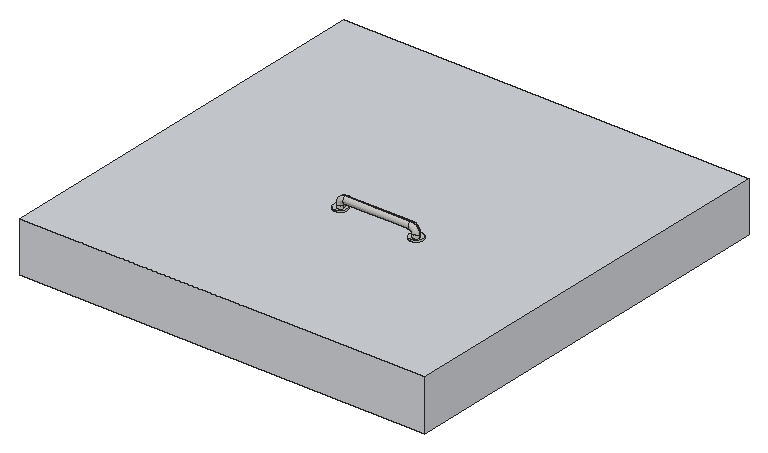
Revit family
Parameters (values of type "8170-001180")
  Warranty Information = "Complete unit, one (1) year"  # constant formula
  Version = "1.0"  # constant formula
  Technical Data = "http://www.bradleycorp.com/products/techdata/8815.pdf"
  Radius = Diameter / 2  # 0' - 0 3/4"
  Percentage of Recycled Content = 48.77
  Overall Length = Length + 0' 3 1/8"  # 1' - 9 1/8"
  URL = "www.bradleycorp.com"
  Type Comments = "All grab bar configurations are specified using centerline to centerline dimensions."  # constant formula
  OmniClass Title = ""
  OmniClass Number = 0
  Modeling Code = ""
  Model = "8170-001180"
  Material and Finish = Bradley Corp Stainless Steel - Satin
  Material Note = "FLANGES - 11 GA., TUBING - 18 GA."  # constant formula
  MasterFormat Section Title = ""
  MasterFormat Section Number = 0
  Manufacturer = "Bradley Corporation"  # constant formula
  Length = 1' - 6"
  LEED Credit = ""
  Instructions [instance] = "This is a face mounted fixture."  # constant formula
  Industry Standards = "ANSI Standard A117.1, ADA, ABA, ADAAG, UFAS"  # constant formula
  Fire Rating = "None"  # constant formula
  Diameter = 0' - 1 1/2"  # constant formula
  Description = "Grab Bars"
  Default Elevation = 2' - 9"  # constant formula
  Copyright = "This Model Data is Property of Bradley Corporation"  # constant formula
  Complies to NAFTA = "Yes"  # constant formula
  Complies To Buy American Act = "Yes"  # constant formula
  Assembly Code = "C1030200"
  ADA Compliant = "Yes"  # constant formula
Types (5): name | Percentage of Recycled Content | Overall Length | Model | Length | Description
  8170-001240 | 51.67 | 2' - 3 1/8" | "8170-001240" | 2' - 0" | "Grab Bars"
  8170-001360 | 55.46 | 3' - 3 1/8" | "8170-001360" | 3' - 0" | "Grab Bars"
  8170-001420 | 56.77 | 3' - 9 1/8" | "8170-001420" | 3' - 6" | "Grab Bars"
  8170-001480 | 57.82 | 4' - 3 1/8" | "8170-001480" | 4' - 0" | "Grab Bars\r\n"
  8170-001180 | 48.77 | 1' - 9 1/8" | "8170-001180" | 1' - 6" | "Grab Bars"
Reference planes (in)
  plane 1 "Center (Front/Back)": y = -21.125
  plane 2: z = 0
  plane 3 "Center (Left/Right)": x = 3.6875
  plane 4: x = -5.3125
  plane 5: x = 12.6875
  plane 6: z = 1.5
  plane 7: x = -6.0625
  plane 8: x = 13.4375
  plane 9: y = -20.375
  plane 10: y = -21.875
  plane 11: z = 3
Forms (in)
  Extrusion 1, solid
    sketch origin (-1.1875, -13.25, 0) x (1, 0, 0) y (0, 1, 0)
      loop
        line (-48, 48) -> (-48, -48) -> (48, -48) -> (48, 48) -> (-48, 48)
    from 0 to -12
Dimensions and locks (in)
  equal spacing: plane 4, plane 3 "Center (Left/Right)", plane 5
  locked: plane 6 to Extrusion 1 at 1.5
  equal spacing: plane 10, plane 1 "Center (Front/Back)", plane 9
  "Diameter": plane 10 to plane 9
  "Diameter": plane 11 to plane 6
  "Length": plane 4 to plane 5
  "Radius": plane 7 to plane 4
  "Radius": plane 5 to plane 8
  aligned and locked: plane 2 to Extrusion 1
  aligned and locked: level to Extrusion 1
  aligned and locked: Extrusion 1 to nested 1
  aligned and locked: plane 3 "Center (Left/Right)" to nested 1
Automatic sketch dimensions
  Extrusion 1 sketch curve to Extrusion 1 sketch curve = 8' - 0"  (x2)
Nested families (in)
  nested 1: "817-Model" at (-32.28125, -21.125, 0.9784) x (1, 0, 0) z (0, 1, 0), type "817"
    with Length 1' - 6"
Definition of nested family "817-Model"
  Parameters (values of type "817")
    Rad = Diameter / 2  # 0' - 0 3/4"
    Partition Thickness = 0' - 4"
    Manufacturer = "Bradley Corporation"  # constant formula
    Length = 4' - 0"
    Diameter = 0' - 1 1/2"
    Default Elevation = 4' - 0"
    Color Selection = Bradley Corp Stainless Steel - Satin
    Assembly Code = ""
  Reference planes (in)
    plane 1 "Center (Front/Back)": y = 0.9784
    plane 2: z = 0
    plane 3 "Center (Left/Right)": x = 35.96875
    plane 4: z = 0.75
    plane 5: z = -0.75
    plane 6: x = 11.96875
    plane 7: x = 59.96875
    plane 8: y = -0.5216
    plane 9: y = -2.0216
  Forms (in)
    Sweep 1, solid, material "Bradley Corp Stainless Steel - Satin" <- "Color Selection"
      path origin (0, 0, 0) x (1, 0, 0) y (0, 1, 0)
        loop
          line (11.96875, 0.9784) -> (11.96875, -0.0216)
          arc (11.96875, -0.0216) -> (12.33487, -0.90548) -> (13.21875, -1.2716) r 1.25
          line (13.21875, -1.2716) -> (58.71875, -1.2716)
          arc (58.71875, -1.2716) -> (59.60263, -0.90548) -> (59.96875, -0.0216) r 1.25
          line (59.96875, -0.0216) -> (59.96875, 0.9784)
      profile origin (35.96875, -1.2716, 0) x (0, 1, 0) y (0, 0, 1)
        loop
          circle (0, 0) r 0.75
    Revolve 2, solid, material "Bradley Corp Stainless Steel - Satin" <- "Color Selection"
      sketch origin (11.96875, 19.09771, 48) x (0, 1, 0) y (0, 0, 1)
        loop
          line (-18.11931, -46.4375) -> (-18.40056, -46.4375) -> (-18.40056, -48) -> (-18.11931, -48) -> (-18.11931, -46.4375)
        axis (-18.40056, -48) -> (-18.11931, -48)
      angle from 0 to 360
    Revolve 3, solid, material "Bradley Corp Stainless Steel - Satin" <- "Color Selection"
      sketch origin (59.96875, 19.09771, 45.40371) x (0, 1, 0) y (0, 0, 1)
        loop
          line (-18.11931, -43.84121) -> (-18.40056, -43.84121) -> (-18.40056, -45.40371) -> (-18.11931, -45.40371) -> (-18.11931, -43.84121)
        axis (-18.40056, -45.40371) -> (-18.11931, -45.40371)
      angle from 0 to 360
  Cuts and joins
    joined: Sweep 1, Revolve 2, Revolve 3
  Dimensions and locks (in)
    equal spacing: plane 4, level, plane 5
    "Diameter": plane 4 to plane 5
    equal spacing: plane 6, plane 3 "Center (Left/Right)", plane 7
    "Length": plane 6 to plane 7
    locked: plane 8 to plane 1 "Center (Front/Back)" at 1.5
    cut or joined group of Sweep 1, Revolve 2, Revolve 3 to level to cut or joined group of Sweep 1, Revolve 2, Revolve 3 = 0' - 1 9/16", 0' - 1 9/16"
    Sweep 1 sketch curve to plane 1 "Center (Front/Back)" = 0' - 2 1/4"
    "Diameter": plane 8 to plane 9
    plane 8 to plane 1 "Center (Front/Back)" = 0' - 1 1/2"
    Revolve 3 sketch curve to level = 0' - 1 9/16"
    "Rad": radius of Sweep 1 sketch curve
    aligned and locked: plane 7 to Sweep 1 sketch curve
    aligned and locked: Revolve 3 sketch curve to level
  Automatic sketch dimensions
    Sweep 1 sketch curve to plane 6 = 0' - 0"
    Sweep 1 sketch curve to plane 1 "Center (Front/Back)" = 0' - 0"  (x2)
    plane 8 to Sweep 1 sketch curve = 0' - 0 1/2"
    Sweep 1 sketch curve to plane 7 = 0' - 1 1/4"
    Sweep 1 sketch curve to level = 0' - 0"
    Sweep 1 sketch curve to profile plane = 0' - 0"
    Revolve 2 sketch curve to level = 0' - 0"  (x2)
    Revolve 2 sketch curve to plane 1 "Center (Front/Back)" = 0' - 0"
    plane 1 "Center (Front/Back)" to Revolve 2 sketch curve = 0' - 0 9/32"
    Revolve 2 sketch curve to Revolve 2 sketch curve = 0' - 0"
    Revolve 2 sketch curve to Revolve 2 sketch curve = 0' - 0.67028"
    Revolve 2 sketch curve to plane 4 = 0' - 0 13/16"
    Revolve 3 sketch curve to plane 1 "Center (Front/Back)" = 0' - 0"
    plane 1 "Center (Front/Back)" to Revolve 3 sketch curve = 0' - 0 9/32"
    level to Revolve 3 sketch curve = 0' - 0"
    plane 8 to Revolve 3 sketch curve = 0' - 0 1/4"
    Revolve 3 sketch curve to Revolve 3 sketch curve = 0' - 0.67028"
